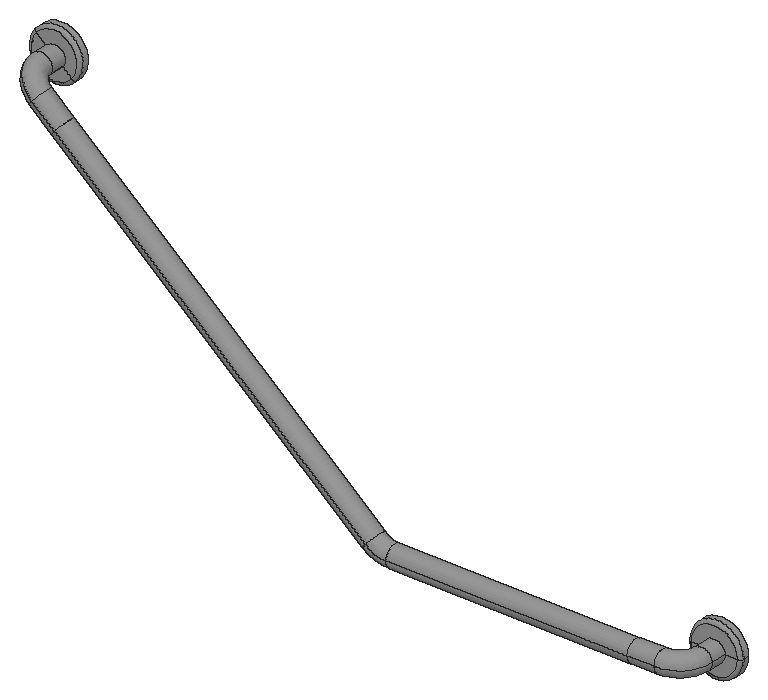
Revit family "RBA4040-002", category Plumbing Fixtures, Revit 2021
Family settings
  Round Connector Dimension = Use Diameter
  Part Type = Normal
  Work Plane-Based = No
  Always vertical = Yes
  Cut with Voids When Loaded = No
  Shared = Yes
  Room Calculation Point = No
Parameters
  Watermarked By = "www.rba.com.au"
  URL = "http://www.rba.com.au/accessible-disabled/grab-rails"
  Phone Number = "1300 788 778"
  OFFSET [instance] = 800 mm
  Modified Issue = "20190806.01"
  Model = "RBA4040-001"
  Materials and Finishes = Stainless Steel, Satin Finish
  Manufacturer = "RBA Group"
  Lgth = 900 mm
  Diameter = 32 mm
  Description = "40° Angled Grab Rail"
  Default Elevation = 0 mm
  Copyright by = "RBA Group"  # constant formula
Reference planes
  plane 1 "Center (Front/Back)": y = 0
  plane 2: z = 0
  plane 3 "Center (Left/Right)": x = 0
  plane 4: z = 800
  plane 5: x = -1002.228
  plane 6: x = -16
  plane 7: y = -87
  plane 8: y = -55
  plane 9: x = -552.228
  plane 10: through (-26.299, -1524, 1246.2) normal (0.7653, 0, 0.6437)
  plane 11: through (-562.003, -1524, 795.621) normal (0.7653, 0, 0.6437)
  plane 12: z = 768.004
  plane 13: through (-467.619, -1524, 834.116) normal (-0.6428, 0, 0.766)
  plane 14: z = 1233.955
Dimensions and locks
  "OFFSET": plane 4 to level
  aligned and locked: level to plane 2
Nested families
  nested 1: "RBA4040-002" at (127.646, 0.878, 783.999), type "RBA4040-002"
    with R_Void 15 mm, R 0 mm
Definition of nested family "RBA4040-002"
  Parameters (values of type "RBA4040-002")
    Watermarked By = "www.rba.com.au"
    URL = "http://www.rba.com.au/accessible-disabled/grab-rails"
    R_Void [instance] = 15 mm
    R [instance] = 0 mm
    Model = "RBA4040-002"
    Manufacturer = "RBA Group"
    Description = "40° Angled Grab Rail"
    Default Elevation = 0 mm
    Bar = none
    Assembly Code = ""
  Reference planes
    plane 1 "Center (Front/Back)": y = 0
    plane 2: z = 0
    plane 3: x = 753.767
    plane 4: through (-636.231, -4572, 449.951) normal (0.6428, 0, 0.766)
    plane 5: z = 30
    plane 6: x = 377.497
    plane 7: x = 322.497
    plane 8: through (-487.724, 25.441, 420.139) normal (-0.0023, 0, -1)
    plane 9: through (-664.451, 25.441, 350.847) normal (-1, 0, 0.0023)
    plane 10: through (-609.451, 25.441, 350.718) normal (-1, 0, 0.0023)
    plane 11: y = -55
    plane 12: x = -100
    plane 13: x = 349.997
    plane 14: through (-100, -4572, 0) normal (0.766, 0, -0.6428)
    plane 15: through (-636.231, -4572, 449.951) normal (0.766, 0, -0.6428)
  Forms (mm)
    Extrusion 1, solid
      sketch origin (349.997, -2.628, 315.907) x (0, 0, -1) y (-1, 0, 0)
        loop
          circle (315.907, 0) r 37.5
      from -0.219 to 2.628
    Revolve 2, solid, material <- "Bar"
      sketch origin (349.997, 18.663, 0) x (0, -1, 0) y (1, 0, 0)
        loop
          line (18.663, 0) -> (18.663, -39) -> (27.902, -39)
          arc (27.902, -39) -> (31.396, -37.577) -> (32.901, -34.117) r 5
          line (32.901, -34.117) -> (33.701, 0) -> (18.663, 0)
        axis (18.663, 0) -> (33.701, 0)
      angle from 0 to 360
    Sweep 3, solid, material <- "Bar"
      path origin (349.997, 11.454, 0) x (0, -1, 0) y (1, 0, 0)
        loop
          line (14.302, 0) -> (50.454, 0)
          arc (50.454, 0) -> (73.082, -9.373) -> (82.454, -32) r 32
          line (82.454, -32) -> (82.454, -76)
      profile origin (349.997, -20.924, 0) x (1, 0, 0) y (0, 0, 1)
        loop
          circle (0, 0) r 16
    Extrusion 4, void
      sketch origin (349.997, 34.941, 315.907) x (0, 0, -1) y (-1, 0, 0)
        loop
          circle (315.907, -27.5) r 3
        loop
          circle (315.907, 27.5) r 3
      from -37.788 to -30
    Extrusion 5, solid
      sketch origin (-839.859, -2.628, 208.429) x (0.64458, 0, 0.764537) y (0.764537, 0, -0.64458)
        loop
          circle (315.907, 0) r 37.5
      from -0.219 to 2.628
    Revolve 6, solid, material <- "Bar"
      sketch origin (-636.231, 18.663, 449.951) x (0, -1, 0) y (-0.764537, 0, 0.64458)
        loop
          line (18.663, 0) -> (18.663, -39) -> (27.902, -39)
          arc (27.902, -39) -> (31.396, -37.577) -> (32.901, -34.117) r 5
          line (32.901, -34.117) -> (33.701, 0) -> (18.663, 0)
        axis (18.663, 0) -> (33.701, 0)
      angle from 0 to 360
    Extrusion 7, void
      sketch origin (-637.458, 34.941, 134.582) x (0.002342, 0, 0.999997) y (0.999997, 0, -0.002342)
        loop
          circle (314.031, -28.485) r 3
        loop
          circle (315.907, 27.5) r 3
      from -37.788 to -30
    Sweep 8, solid, material <- "Bar"
      path origin (-1021.554, 11.454, -9.969) x (0, -1, 0) y (0.766044, 0, -0.642788)
        loop
          line (15.454, 0) -> (50.454, 0)
          arc (50.454, 0) -> (73.082, 9.373) -> (82.454, 32) r 32
          line (82.454, 32) -> (82.454, 76)
      profile origin (-1021.554, -21.5, -9.969) x (0.766044, 0, -0.642788) y (0.642788, 0, 0.766044)
        loop
          circle (0, 600) r 16
    Sweep 9, solid, material <- "Bar"
      path origin (909.85, 2, 0) x (1, 0, 0) y (0, 0, 1)
        loop
          line (-632.083, 0) -> (-992.379, 0)
          arc (-992.379, 0) -> (-1008.796, 2.895) -> (-1023.233, 11.23) r 48
          line (-1023.233, 11.23) -> (-1487.512, 400.806)
      profile origin (97.619, 2, 0) x (0, 0, -1) y (0, -1, 0)
        loop
          circle (0, 73) r 16
  Cuts and joins
    Extrusion 4 cuts Extrusion 1
    Extrusion 7 cuts Extrusion 5
    Extrusion 4 cuts Revolve 2
    Extrusion 7 cuts Revolve 6
    joined: Revolve 2, Sweep 3, Revolve 6, Sweep 8, Sweep 9
  Text (mm)
    text "Centre radius of bend is 48" at (0.214, 0, 242.365), in view "Front"
  Dimensions and locks
    Revolve 2 sketch curve to Revolve 2 sketch curve = 39 mm
    plane 7 to plane 6 = 55 mm
    Revolve 6 sketch curve to Revolve 6 sketch curve = 39 mm
    plane 10 to plane 9 = 55 mm
    plane 13 to plane 12 = 449.997 mm
    plane 14 to plane 15 = 700 mm
    radius of Extrusion 1 sketch curve = 37.5 mm
    radius of Sweep 3 sketch curve = 16 mm
    radius of Extrusion 5 sketch curve = 37.5 mm
    radius of Sweep 8 sketch curve = 16 mm
    angle plane 4 to level = 40.00°
    aligned and locked: Revolve 2 to Extrusion 1
    aligned and locked: Revolve 6 to Extrusion 5
  Nested families
    nested 1: "FamilyID" at (-675.231, -0.025, 0), type "FamilyID"
  Definition of nested family "FamilyID"
    Reference planes
      plane 1: y = 0
      plane 2: x = 0
    Text (mm)
      text "RBA COPYRIGHT" at (0.001, 0.001, 0)
